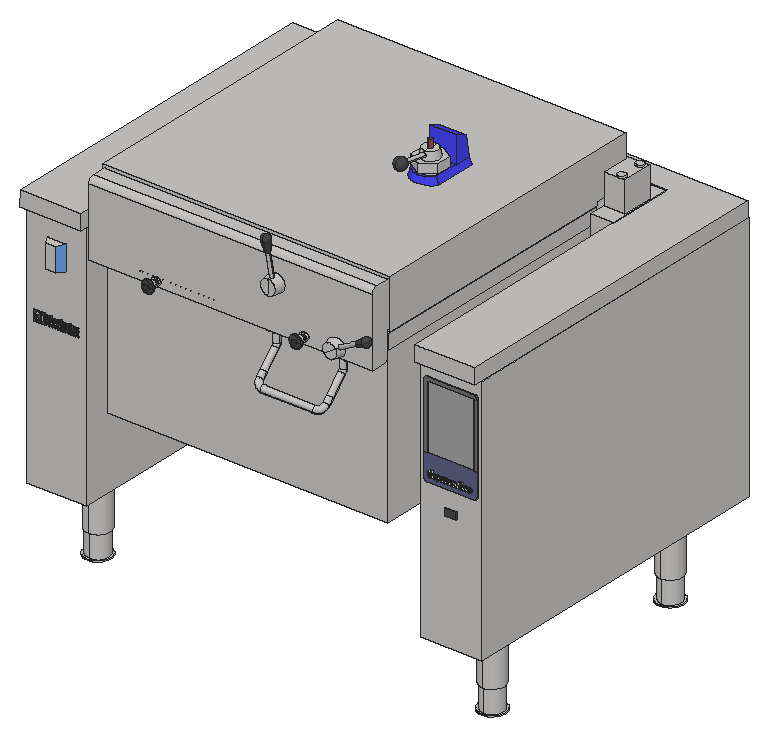
Revit family "QF_ELECTROLUXPROFESSIONAL_587140_PUET06ECIO", category Attrezzature speciali, Revit 2020 (continued)
Definition of nested family "QF_ELECTROLUXPROFESSIONAL_PUETNB900_LEFT"
  Automatic sketch dimensions
    Extrusion 4 sketch curve to Extrusion 4 sketch curve = 2.789 mm
    Extrusion 4 sketch curve to Extrusion 4 sketch curve = 0.908 mm  (x2)
    Extrusion 4 sketch curve to Extrusion 4 sketch curve = 0.826 mm  (x2)
    Extrusion 4 sketch curve to Extrusion 4 sketch curve = 0.126 mm  (x3)
    Extrusion 4 sketch curve to Extrusion 4 sketch curve = 2.333 mm
    Extrusion 4 sketch curve to Extrusion 4 sketch curve = 1.257 mm  (x2)
    Extrusion 4 sketch curve to Extrusion 4 sketch curve = 2.771 mm
    Extrusion 4 sketch curve to Extrusion 4 sketch curve = 1.497 mm
    Extrusion 4 sketch curve to Extrusion 4 sketch curve = 1.979 mm
    Extrusion 4 sketch curve to Extrusion 4 sketch curve = 1.653 mm
    Extrusion 4 sketch curve to Extrusion 4 sketch curve = 0.085 mm
    Extrusion 4 sketch curve to Extrusion 4 sketch curve = 0.315 mm
    Extrusion 4 sketch curve to Extrusion 4 sketch curve = 3.811 mm
    Extrusion 4 sketch curve to Extrusion 4 sketch curve = 2.136 mm  (x2)
    Extrusion 4 sketch curve to Extrusion 4 sketch curve = 2.352 mm  (x2)
    Extrusion 4 sketch curve to Extrusion 4 sketch curve = 3.797 mm
    Extrusion 4 sketch curve to Extrusion 4 sketch curve = 1.528 mm
    Extrusion 4 sketch curve to Extrusion 4 sketch curve = 1.476 mm  (x2)
    Extrusion 4 sketch curve to Extrusion 4 sketch curve = 1.469 mm  (x2)
    Extrusion 4 sketch curve to Extrusion 4 sketch curve = 3.728 mm
    Extrusion 4 sketch curve to Extrusion 4 sketch curve = 0.046 mm
    Extrusion 4 sketch curve to Extrusion 4 sketch curve = 0.177 mm
    Extrusion 4 sketch curve to Extrusion 4 sketch curve = 0.947 mm
    Extrusion 4 sketch curve to Extrusion 4 sketch curve = 0.308 mm
    Extrusion 4 sketch curve to Extrusion 4 sketch curve = 0.091 mm
    Extrusion 4 sketch curve to Extrusion 4 sketch curve = 2.375 mm
    Extrusion 4 sketch curve to Extrusion 4 sketch curve = 0.94 mm
    Extrusion 4 sketch curve to Extrusion 4 sketch curve = 0.54 mm
    Extrusion 4 sketch curve to Extrusion 4 sketch curve = 0.102 mm
    Extrusion 4 sketch curve to Extrusion 4 sketch curve = 0.002 mm  (x4)
    Extrusion 4 sketch curve to Extrusion 4 sketch curve = 0.105 mm
    Extrusion 4 sketch curve to Extrusion 4 sketch curve = 0.097 mm
    Extrusion 4 sketch curve to plane 3 "Center (Left/Right)" = 0.241 mm
    Extrusion 4 sketch curve to plane 3 "Center (Left/Right)" = 0.412 mm
    Extrusion 4 sketch curve to plane 3 "Center (Left/Right)" = 2.074 mm
    Extrusion 4 sketch curve to Extrusion 4 sketch curve = 1.777 mm
    Extrusion 4 sketch curve to plane 3 "Center (Left/Right)" = 2.704 mm
    Extrusion 4 sketch curve to Extrusion 4 sketch curve = 1.001 mm
    Extrusion 4 sketch curve to Extrusion 4 sketch curve = 1.393 mm  (x2)
    Extrusion 4 sketch curve to Extrusion 4 sketch curve = 2.363 mm
    Extrusion 4 sketch curve to Extrusion 4 sketch curve = 2.253 mm
    Extrusion 4 sketch curve to Extrusion 4 sketch curve = 0.014 mm  (x4)
    Extrusion 4 sketch curve to Extrusion 4 sketch curve = 0.172 mm
    Extrusion 4 sketch curve to Extrusion 4 sketch curve = 0.096 mm
    Extrusion 4 sketch curve to Extrusion 4 sketch curve = 0.164 mm
    Extrusion 4 sketch curve to Extrusion 4 sketch curve = 0.298 mm
    Extrusion 4 sketch curve to Extrusion 4 sketch curve = 0.247 mm
    Extrusion 4 sketch curve to Extrusion 4 sketch curve = 0.084 mm
    Extrusion 4 sketch curve to Extrusion 4 sketch curve = 6.484 mm
    Extrusion 4 sketch curve to Extrusion 4 sketch curve = 2.596 mm
    Extrusion 4 sketch curve to Extrusion 4 sketch curve = 0.059 mm  (x2)
    Extrusion 4 sketch curve to Extrusion 4 sketch curve = 3.889 mm
    Extrusion 4 sketch curve to Extrusion 4 sketch curve = 6.029 mm
    Extrusion 4 sketch curve to Extrusion 4 sketch curve = 0.929 mm
    Extrusion 4 sketch curve to Extrusion 4 sketch curve = 1.102 mm
    Extrusion 4 sketch curve to Extrusion 4 sketch curve = 0.756 mm  (x2)
    Extrusion 4 sketch curve to Extrusion 4 sketch curve = 0.852 mm
    Extrusion 4 sketch curve to Extrusion 4 sketch curve = 0.108 mm
    Extrusion 4 sketch curve to Extrusion 4 sketch curve = 0.101 mm
    Extrusion 4 sketch curve to Extrusion 4 sketch curve = 0.072 mm
    Extrusion 4 sketch curve to Extrusion 4 sketch curve = 1.67 mm
    Extrusion 4 sketch curve to Extrusion 4 sketch curve = 1.834 mm
    Extrusion 4 sketch curve to Extrusion 4 sketch curve = 0.366 mm
    Extrusion 4 sketch curve to Extrusion 4 sketch curve = 0.993 mm
    Extrusion 4 sketch curve to Extrusion 4 sketch curve = 0.81 mm
    Extrusion 4 sketch curve to Extrusion 4 sketch curve = 1.026 mm  (x2)
    Extrusion 4 sketch curve to Extrusion 4 sketch curve = 4.272 mm
    Extrusion 4 sketch curve to Extrusion 4 sketch curve = 0.163 mm
    Extrusion 4 sketch curve to Extrusion 4 sketch curve = 0.551 mm
    plane 14 to Extrusion 4 sketch curve = 6.023 mm
    Extrusion 4 sketch curve to Extrusion 4 sketch curve = 1.451 mm
    plane 14 to Extrusion 4 sketch curve = 5.28 mm
    Extrusion 4 sketch curve to Extrusion 4 sketch curve = 0.045 mm  (x2)
    Extrusion 4 sketch curve to Extrusion 4 sketch curve = 0.241 mm
    Extrusion 4 sketch curve to Extrusion 4 sketch curve = 0.039 mm
    Extrusion 4 sketch curve to Extrusion 4 sketch curve = 1.134 mm
    Extrusion 4 sketch curve to Extrusion 4 sketch curve = 2.351 mm
    Extrusion 4 sketch curve to plane 14 = 0.874 mm
    Extrusion 4 sketch curve to Extrusion 4 sketch curve = 10.128 mm
    Extrusion 4 sketch curve to Extrusion 4 sketch curve = 0.956 mm
    Extrusion 4 sketch curve to Extrusion 4 sketch curve = 1.263 mm
    Extrusion 4 sketch curve to Extrusion 4 sketch curve = 2.577 mm
    Extrusion 4 sketch curve to Extrusion 4 sketch curve = 0.243 mm
    Extrusion 4 sketch curve to Extrusion 4 sketch curve = 0.031 mm
    Extrusion 4 sketch curve to Extrusion 4 sketch curve = 7.148 mm
    Extrusion 4 sketch curve to Extrusion 4 sketch curve = 1.502 mm
    Extrusion 4 sketch curve to Extrusion 4 sketch curve = 11.54 mm
    Extrusion 4 sketch curve to Extrusion 4 sketch curve = 11.758 mm
    Extrusion 4 sketch curve to Extrusion 4 sketch curve = 4.097 mm
    Extrusion 4 sketch curve to Extrusion 4 sketch curve = 0.011 mm
    Extrusion 4 sketch curve to Extrusion 4 sketch curve = 4.488 mm
    plane 17 "CHW" to Extrusion 4 sketch curve = 191.223 mm
    Extrusion 4 sketch curve to Extrusion 4 sketch curve = 3.444 mm  (x2)
    Extrusion 4 sketch curve to Extrusion 4 sketch curve = 3.777 mm
    Extrusion 4 sketch curve to Extrusion 4 sketch curve = 1.093 mm
    Extrusion 4 sketch curve to Extrusion 4 sketch curve = 1.192 mm
    Extrusion 4 sketch curve to Extrusion 4 sketch curve = 0.319 mm
    Extrusion 4 sketch curve to Extrusion 4 sketch curve = 5.798 mm
    Extrusion 4 sketch curve to Extrusion 4 sketch curve = 2.021 mm
    Extrusion 4 sketch curve to Extrusion 4 sketch curve = 2.357 mm  (x3)
    Extrusion 4 sketch curve to Extrusion 4 sketch curve = 0.892 mm  (x3)
    Extrusion 4 sketch curve to Extrusion 4 sketch curve = 1.018 mm
    Extrusion 4 sketch curve to Extrusion 4 sketch curve = 3.382 mm  (x2)
    Extrusion 4 sketch curve to Extrusion 4 sketch curve = 2.117 mm
    Extrusion 4 sketch curve to Extrusion 4 sketch curve = 0.195 mm  (x2)
    Extrusion 4 sketch curve to Extrusion 4 sketch curve = 0.295 mm  (x2)
    Extrusion 4 sketch curve to Extrusion 4 sketch curve = 0.618 mm
    Extrusion 4 sketch curve to Extrusion 4 sketch curve = 0.385 mm  (x2)
    Extrusion 4 sketch curve to Extrusion 4 sketch curve = 1.626 mm  (x2)
    Extrusion 4 sketch curve to Extrusion 4 sketch curve = 1.65 mm
    Extrusion 4 sketch curve to Extrusion 4 sketch curve = 1.662 mm
    Extrusion 4 sketch curve to Extrusion 4 sketch curve = 0.013 mm  (x2)
    Extrusion 4 sketch curve to Extrusion 4 sketch curve = 0.292 mm
    Extrusion 4 sketch curve to Extrusion 4 sketch curve = 0.107 mm  (x2)
    Extrusion 4 sketch curve to Extrusion 4 sketch curve = 0.068 mm  (x2)
    Extrusion 4 sketch curve to Extrusion 4 sketch curve = 0.968 mm
    Extrusion 4 sketch curve to Extrusion 4 sketch curve = 0.365 mm
    Extrusion 4 sketch curve to Extrusion 4 sketch curve = 2.361 mm
    Extrusion 4 sketch curve to Extrusion 4 sketch curve = 2.359 mm
    Extrusion 4 sketch curve to Extrusion 4 sketch curve = 0.531 mm  (x2)
    Extrusion 4 sketch curve to Extrusion 4 sketch curve = 0.928 mm  (x2)
    Extrusion 4 sketch curve to Extrusion 4 sketch curve = 1.058 mm
    Extrusion 4 sketch curve to Extrusion 4 sketch curve = 0.297 mm  (x2)
    Extrusion 4 sketch curve to Extrusion 4 sketch curve = 0.155 mm  (x2)
    Extrusion 4 sketch curve to Extrusion 4 sketch curve = 1.305 mm
    Extrusion 4 sketch curve to Extrusion 4 sketch curve = 1.037 mm
    Extrusion 4 sketch curve to Extrusion 4 sketch curve = 0.182 mm  (x2)
    Extrusion 4 sketch curve to Extrusion 4 sketch curve = 0.607 mm  (x2)
    Extrusion 4 sketch curve to Extrusion 4 sketch curve = 0.304 mm  (x2)
    Extrusion 4 sketch curve to Extrusion 4 sketch curve = 0.372 mm  (x2)
    Extrusion 4 sketch curve to Extrusion 4 sketch curve = 0.016 mm  (x2)
    Extrusion 4 sketch curve to Extrusion 4 sketch curve = 0.996 mm
    Extrusion 4 sketch curve to Extrusion 4 sketch curve = 0.93 mm
    Extrusion 4 sketch curve to Extrusion 4 sketch curve = 0.709 mm  (x2)
    Extrusion 4 sketch curve to Extrusion 4 sketch curve = 1.752 mm
    Extrusion 4 sketch curve to Extrusion 4 sketch curve = 1.017 mm
    Extrusion 4 sketch curve to Extrusion 4 sketch curve = 4.718 mm
    Extrusion 4 sketch curve to Extrusion 4 sketch curve = 0.891 mm
    Extrusion 4 sketch curve to Extrusion 4 sketch curve = 3.826 mm
    Extrusion 4 sketch curve to Extrusion 4 sketch curve = 1.696 mm
    Extrusion 4 sketch curve to Extrusion 4 sketch curve = 0.954 mm
    Extrusion 4 sketch curve to Extrusion 4 sketch curve = 5.576 mm
    Extrusion 4 sketch curve to Extrusion 4 sketch curve = 5.657 mm  (x2)
    Extrusion 4 sketch curve to Extrusion 4 sketch curve = 5.661 mm  (x2)
    Extrusion 4 sketch curve to Extrusion 4 sketch curve = 0.006 mm
    Extrusion 4 sketch curve to Extrusion 4 sketch curve = 1.499 mm
    Extrusion 4 sketch curve to Extrusion 4 sketch curve = 7.186 mm
    Extrusion 4 sketch curve to Extrusion 4 sketch curve = 2.203 mm
    Extrusion 4 sketch curve to Extrusion 4 sketch curve = 2.21 mm
    Extrusion 4 sketch curve to Extrusion 4 sketch curve = 1.607 mm
    Extrusion 4 sketch curve to Extrusion 4 sketch curve = 3.479 mm
    Extrusion 4 sketch curve to Extrusion 4 sketch curve = 3.92 mm
    Extrusion 4 sketch curve to Extrusion 4 sketch curve = 0.05 mm
    Extrusion 4 sketch curve to Extrusion 4 sketch curve = 1.776 mm
    Extrusion 4 sketch curve to Extrusion 4 sketch curve = 4.017 mm
    Extrusion 4 sketch curve to Extrusion 4 sketch curve = 0.196 mm  (x2)
    Extrusion 4 sketch curve to Extrusion 4 sketch curve = 0.19 mm
    Extrusion 4 sketch curve to Extrusion 4 sketch curve = 1.312 mm
    Extrusion 4 sketch curve to Extrusion 4 sketch curve = 0.146 mm
    Extrusion 4 sketch curve to Extrusion 4 sketch curve = 2.831 mm
    Extrusion 4 sketch curve to Extrusion 4 sketch curve = 0.387 mm
    Extrusion 4 sketch curve to Extrusion 4 sketch curve = 0.174 mm
    Extrusion 4 sketch curve to Extrusion 4 sketch curve = 4.623 mm
    Extrusion 4 sketch curve to Extrusion 4 sketch curve = 1.754 mm
    Extrusion 4 sketch curve to Extrusion 4 sketch curve = 0.188 mm
    Extrusion 4 sketch curve to Extrusion 4 sketch curve = 0.02 mm
    Extrusion 4 sketch curve to Extrusion 4 sketch curve = 0.313 mm
    Extrusion 4 sketch curve to Extrusion 4 sketch curve = 0.12 mm
    Extrusion 4 sketch curve to Extrusion 4 sketch curve = 0.062 mm
    Extrusion 4 sketch curve to Extrusion 4 sketch curve = 0.568 mm
    Extrusion 4 sketch curve to Extrusion 4 sketch curve = 1.763 mm
    Extrusion 4 sketch curve to Extrusion 4 sketch curve = 0.095 mm
    Extrusion 4 sketch curve to Extrusion 4 sketch curve = 1.817 mm
    Extrusion 4 sketch curve to Extrusion 4 sketch curve = 0.357 mm
    Extrusion 4 sketch curve to Extrusion 4 sketch curve = 0.008 mm
    Extrusion 4 sketch curve to Extrusion 4 sketch curve = 0.36 mm
    Extrusion 4 sketch curve to Extrusion 4 sketch curve = 3.784 mm
    Extrusion 4 sketch curve to Extrusion 4 sketch curve = 1.654 mm
    Extrusion 4 sketch curve to Extrusion 4 sketch curve = 1.454 mm
    Extrusion 4 sketch curve to Extrusion 4 sketch curve = 1.705 mm
    Extrusion 4 sketch curve to Extrusion 4 sketch curve = 1.893 mm
    Extrusion 4 sketch curve to Extrusion 4 sketch curve = 3.429 mm
    Extrusion 4 sketch curve to Extrusion 4 sketch curve = 1.094 mm
    Extrusion 4 sketch curve to Extrusion 4 sketch curve = 2.218 mm
    Extrusion 4 sketch curve to Extrusion 4 sketch curve = 1.404 mm
    Extrusion 4 sketch curve to Extrusion 4 sketch curve = 5.763 mm
    Extrusion 4 sketch curve to Extrusion 4 sketch curve = 2.932 mm  (x2)
    Extrusion 4 sketch curve to Extrusion 4 sketch curve = 5.959 mm
    Extrusion 4 sketch curve to Extrusion 4 sketch curve = 1.424 mm
    Extrusion 4 sketch curve to Extrusion 4 sketch curve = 3.23 mm
    Extrusion 4 sketch curve to Extrusion 4 sketch curve = 1.975 mm
    Extrusion 4 sketch curve to Extrusion 4 sketch curve = 3.779 mm
    Extrusion 4 sketch curve to Extrusion 4 sketch curve = 2.212 mm
    Extrusion 4 sketch curve to Extrusion 4 sketch curve = 3.78 mm
    Extrusion 4 sketch curve to Extrusion 4 sketch curve = 1.279 mm
    Extrusion 4 sketch curve to Extrusion 4 sketch curve = 1.343 mm  (x2)
    Extrusion 4 sketch curve to Extrusion 4 sketch curve = 1.353 mm  (x2)
    Extrusion 4 sketch curve to Extrusion 4 sketch curve = 0.027 mm  (x2)
    Extrusion 4 sketch curve to Extrusion 4 sketch curve = 0.395 mm  (x2)
    Extrusion 4 sketch curve to Extrusion 4 sketch curve = 0.329 mm  (x2)
    Extrusion 4 sketch curve to Extrusion 4 sketch curve = 0.425 mm  (x2)
    Extrusion 4 sketch curve to Extrusion 4 sketch curve = 0.051 mm  (x2)
    Extrusion 4 sketch curve to Extrusion 4 sketch curve = 0.495 mm  (x2)
    Extrusion 4 sketch curve to Extrusion 4 sketch curve = 0.267 mm  (x2)
    Extrusion 4 sketch curve to Extrusion 4 sketch curve = 1.4 mm
    Extrusion 4 sketch curve to Extrusion 4 sketch curve = 5.233 mm
    Extrusion 4 sketch curve to Extrusion 4 sketch curve = 2.062 mm
    Extrusion 5 sketch curve to plane 13 "HW_CW" = 0.0 mm  (x2)
    Extrusion 5 sketch curve to plane 15 = 0.0 mm
    Extrusion 5 sketch curve to plane 14 = 0.0 mm
    Extrusion 6 sketch curve to plane 16 "Drain_Z" = 0.0 mm
    Extrusion 6 sketch curve to plane 18 = 0.0 mm
    Extrusion 7 sketch curve to plane 3 "Center (Left/Right)" = 0.0 mm
    Extrusion 7 sketch curve to plane 19 = 0.0 mm
    radius of Extrusion 2 sketch curve = 6.35 mm  (x2)
    radius of Extrusion 4 sketch curve = 2.453 mm
    radius of Extrusion 4 sketch curve = 1.557 mm
    radius of Extrusion 4 sketch curve = 1.468 mm
    radius of Extrusion 4 sketch curve = 2.451 mm
    radius of Extrusion 5 sketch curve = 5.0 mm  (x2)
    radius of Extrusion 6 sketch curve = 7.938 mm
    radius of Extrusion 7 sketch curve = 12.7 mm
Definition of nested family "QF_ELECTROLUXPROFESSIONAL_PUETNB900_RIGHT"
  Parameters
    Width = 160.0 mm
    Steam_z = 140.0 mm
    Steam_y = 239.0 mm
    Right = Width / 2  # 80.0 mm
    Default Elevation = 0.0 mm
    Left = -Width / 2  # -80.0 mm
    Htop = 40.0 mm
    Height = 900.0 mm
    HBase = 200.0 mm
    EI_z = 250.0 mm
    EI_y = 312.0 mm
    Depth = 900.0 mm
    BorderFront = 20.0 mm
    Body Finish [instance] = none
  Reference planes
    plane 1 "Center (Front/Back)": y = 0
    plane 2: z = 0
    plane 3 "Center (Left/Right)": x = 0
    plane 4 "LEFT": x = -80
    plane 5 "RIGHT": x = 80
    plane 6 "BACK": y = 450
    plane 7 "FRONT": y = -450
    plane 8 "Base": z = 200
    plane 9 "TOP": z = 900
    plane 10 "BorderFront": y = -430
    plane 11: z = 860
    plane 12 "EI": z = 450
    plane 13: y = 138
    plane 14 "STEAM_y": y = 211
    plane 15 "Steam_z": z = 340
  Forms (mm)
    Extrusion 1, solid
      sketch origin (0, 0, 0) x (1, 0, 0) y (0, 1, 0)
        loop
          line (-80, 450) -> (-80, -430) -> (80, -430) -> (80, 450) -> (-80, 450)
      from 860 to 200
    Extrusion 2, solid
      sketch origin (0, -430, 0) x (-1, 0, 0) y (0, 0, 1)
        loop
          line (59.714, 823.989) -> (-61.821, 823.989)
          arc (-61.821, 823.989) -> (-68.892, 821.06) -> (-71.821, 813.989) r 10
          line (-71.821, 813.989) -> (-71.821, 644.744) -> (-61.821, 644.744) -> (-61.821, 813.989) -> (59.714, 813.989) -> (59.714, 644.744) -> (69.714, 644.744) -> (69.714, 813.989)
          arc (69.714, 813.989) -> (66.786, 821.06) -> (59.714, 823.989) r 10
      from 0 to -3
    Extrusion 3, solid
      sketch origin (0, -430, 0) x (-1, 0, 0) y (0, 0, 1)
        loop
          line (69.714, 585) -> (69.714, 644.744) -> (-71.821, 644.744) -> (-71.821, 585)
          arc (-71.821, 585) -> (-68.892, 577.929) -> (-61.821, 575) r 10
          line (-61.821, 575) -> (59.714, 575)
          arc (59.714, 575) -> (66.786, 577.929) -> (69.714, 585) r 10
      from -3 to 0
    Extrusion 4, solid
      sketch origin (234.714, -430, 0) x (-1, 0, 0) y (0, 0, 1)
        loop
          line (294.429, 813.989) -> (172.894, 813.989) -> (172.894, 644.744) -> (294.429, 644.744) -> (294.429, 813.989)
      from 0 to -3
    Extrusion 5, solid
      sketch origin (0, -430, 0) x (-1, 0, 0) y (0, 0, 1)
        loop
          line (15, 530) -> (-15, 530) -> (-15, 510) -> (15, 510) -> (15, 530)
      from -1.6 to 0
    Extrusion 6, solid
      sketch origin (0, 450, 0) x (-1, 0, 0) y (0, 0, 1)
        loop
          circle (0, 450) r 5
      from 0 to 2
    Extrusion 7, solid
      sketch origin (0, 0, 200) x (0, 1, 0) y (-1, 0, 0)
        loop
          circle (138, 0) r 10
      from 0 to -3
    Extrusion 8, solid
      sketch origin (0, 0, 200) x (0, 1, 0) y (-1, 0, 0)
        loop
          circle (211, 0) r 12.7
      from 0 to -3
    Extrusion 9, solid
      sketch origin (0, 450, 0) x (-1, 0, 0) y (0, 0, 1)
        loop
          circle (0, 340) r 12.7
      from 0 to 3
  Lines and regions (mm)
    symbolic lines
      curve 1: line (-80, 450, 0) -> (80, 450, 0)
      curve 2: line (80, 450, 0) -> (80, -430, 0)
  Dimensions and locks
    "Width": plane 4 "LEFT" to plane 5 "RIGHT"
    equal spacing: plane 4 "LEFT", plane 3 "Center (Left/Right)", plane 5 "RIGHT"
    equal spacing: plane 6 "BACK", plane 1 "Center (Front/Back)", plane 7 "FRONT"
    "Depth": plane 6 "BACK" to plane 7 "FRONT"
    "BorderFront": plane 10 "BorderFront" to plane 7 "FRONT"
    "Htop": plane 9 "TOP" to plane 11
    "Height": plane 9 "TOP" to level
    "HBase": plane 8 "Base" to level
    "EI_y": plane 6 "BACK" to plane 13
    "EI_z": plane 12 "EI" to plane 8 "Base"
    "Steam_y": plane 6 "BACK" to plane 14 "STEAM_y"
    plane 15 "Steam_z" to plane 8 "Base" = 140.0 mm
    aligned and locked: level to plane 2
    aligned and locked: plane 10 "BorderFront" to Extrusion 1 sketch curve
    aligned and locked: plane 11 to Extrusion 1
    aligned and locked: Extrusion 1 to plane 8 "Base"
    aligned and locked: plane 4 "LEFT" to Extrusion 1 sketch curve
    aligned and locked: Extrusion 1 sketch curve to plane 5 "RIGHT"
    aligned and locked: Extrusion 1 sketch curve to plane 6 "BACK"
  Automatic sketch dimensions
    Extrusion 2 sketch curve to plane 5 "RIGHT" = 8.179 mm
    Extrusion 2 sketch curve to Extrusion 2 sketch curve = 10.0 mm  (x2)
    Extrusion 2 sketch curve to Extrusion 2 sketch curve = 0.0 mm  (x4)
    plane 4 "LEFT" to Extrusion 2 sketch curve = 20.286 mm
    Extrusion 2 sketch curve to plane 11 = 215.256 mm
    Extrusion 2 sketch curve to plane 11 = 46.011 mm
    Extrusion 3 sketch curve to plane 5 "RIGHT" = 8.179 mm
    plane 4 "LEFT" to Extrusion 3 sketch curve = 20.286 mm
    plane 4 "LEFT" to Extrusion 3 sketch curve = 10.286 mm
    Extrusion 3 sketch curve to plane 11 = 285.0 mm
    Extrusion 3 sketch curve to Extrusion 3 sketch curve = 59.744 mm
    Extrusion 3 sketch curve to Extrusion 3 sketch curve = 10.0 mm
    plane 4 "LEFT" to Extrusion 4 sketch curve = 20.286 mm
    Extrusion 4 sketch curve to plane 11 = 46.011 mm
    Extrusion 4 sketch curve to plane 5 "RIGHT" = 18.179 mm
    Extrusion 4 sketch curve to Extrusion 4 sketch curve = 169.244 mm
    Extrusion 6 sketch curve to plane 3 "Center (Left/Right)" = 0.0 mm
    Extrusion 6 sketch curve to plane 12 "EI" = 0.0 mm
    curve 1 to plane 4 "LEFT" = 0.0 mm
    curve 1 to plane 5 "RIGHT" = 0.0 mm
    curve 2 to plane 10 "BorderFront" = 0.0 mm
    curve 1 to plane 6 "BACK" = 0.0 mm
    plane 3 "Center (Left/Right)" to Extrusion 5 sketch curve = 15.0 mm
    Extrusion 5 sketch curve to plane 3 "Center (Left/Right)" = 15.0 mm
    plane 12 "EI" to Extrusion 5 sketch curve = 60.0 mm
    Extrusion 5 sketch curve to Extrusion 5 sketch curve = 20.0 mm
    Extrusion 7 sketch curve to plane 3 "Center (Left/Right)" = 0.0 mm
    Extrusion 7 sketch curve to plane 13 = 0.0 mm
    Extrusion 8 sketch curve to plane 3 "Center (Left/Right)" = 0.0 mm
    Extrusion 8 sketch curve to plane 14 "STEAM_y" = 0.0 mm
    Extrusion 9 sketch curve to plane 3 "Center (Left/Right)" = 0.0 mm
    Extrusion 9 sketch curve to plane 15 "Steam_z" = 0.0 mm
    radius of Extrusion 6 sketch curve = 5.0 mm
    radius of Extrusion 7 sketch curve = 10.0 mm
    radius of Extrusion 8 sketch curve = 12.7 mm
    radius of Extrusion 9 sketch curve = 12.7 mm
  Nested families
    nested 1: "ELX_ThermaLine" at (-0.906, -433, 593.675) x (1, 0, 0) z (0, -1, 0), type "ELX_ThermaLine"
      with Show Logo yes, Material_Logo none
  Definition of nested family "ELX_ThermaLine"
    Parameters
      Show Logo [instance] = yes
      Material_Logo [instance] = none
      Default Elevation = 0.0 mm
    Reference planes
      plane 1 "Centro (Fronte/Retro)": y = 0
      plane 2: z = 0
      plane 3 "Centro (Sinistra/Destra)": x = 0
    Forms (mm)
      Extrusion 1, solid
        sketch origin (0, 0, 0) x (1, 0, 0) y (0, 1, 0)
          loop
            line (-1219.2, 1219.2) -> (-1219.2, -1219.2) -> (1219.2, -1219.2) -> (1219.2, 1219.2) -> (-1219.2, 1219.2)
        from 0 to -304.8
      Extrusion 2, solid
        sketch origin (0, 0, 0) x (1, 0, 0) y (0, 1, 0)
          loop
            line (-52.84, 4.345) -> (-50.793, 4.345) -> (-50.793, 6.716) -> (-52.84, 6.716) -> (-52.84, 10.788) -> (-55.901, 9.058) -> (-55.901, 6.716) -> (-57.324, 6.716) -> (-57.324, 4.345) -> (-55.901, 4.345) -> (-55.901, -1.637)
            arc (-55.901, -1.637) -> (-54.76, -4.355) -> (-51.88, -4.985) r 3.198
            line (-51.88, -4.985) -> (-50.444, -4.597) -> (-50.782, -2.189) -> (-51.765, -2.453)
            arc (-51.765, -2.453) -> (-52.506, -2.305) -> (-52.84, -1.628) r 0.854
            line (-52.84, -1.628) -> (-52.84, 4.345)
          loop
            line (-48.642, 11.198) -> (-48.642, -4.787) -> (-45.561, -4.787) -> (-45.561, 2.659)
            arc (-45.561, 2.659) -> (-44.379, 4.372) -> (-42.304, 4.523) r 2.408
            arc (-42.304, 4.523) -> (-41.484, 3.75) -> (-41.182, 2.665) r 2.099
            line (-41.182, 2.665) -> (-41.182, -4.787) -> (-38.117, -4.787) -> (-38.088, 2.166)
            arc (-38.088, 2.166) -> (-38.343, 3.963) -> (-39.021, 5.646) r 7.517
            arc (-39.021, 5.646) -> (-42.369, 6.971) -> (-45.561, 5.303) r 4.327
            line (-45.561, 5.303) -> (-45.561, 11.198) -> (-48.642, 11.198)
          loop
            arc (-28.196, 1.988) -> (-28.834, 3.893) -> (-30.683, 4.679) r 2.449
            arc (-30.683, 4.679) -> (-32.149, 3.674) -> (-32.711, 1.988) r 2.793
            line (-32.711, 1.988) -> (-28.196, 1.988)
          loop
            arc (-25.128, 0.121) -> (-26.074, 4.342) -> (-29.545, 6.923) r 6.212
            arc (-29.545, 6.923) -> (-33.021, 6.358) -> (-35.352, 3.718) r 5.232
            arc (-35.352, 3.718) -> (-35.918, 1.148) -> (-35.633, -1.468) r 8.117
            arc (-35.633, -1.468) -> (-34.524, -3.319) -> (-32.789, -4.603) r 5.523
            arc (-32.789, -4.603) -> (-28.402, -4.744) -> (-25.297, -1.641) r 5.523
            line (-25.297, -1.641) -> (-28.327, -1.106)
            arc (-28.327, -1.106) -> (-29.324, -2.396) -> (-30.951, -2.501) r 1.982
            arc (-30.951, -2.501) -> (-32.276, -1.475) -> (-32.789, 0.121) r 2.835
            line (-32.789, 0.121) -> (-25.128, 0.121)
          loop
            line (-22.733, -4.787) -> (-19.705, -4.787) -> (-19.705, 0)
            arc (-19.705, 0) -> (-19.663, 1.267) -> (-19.469, 2.521) r 10.557
            arc (-19.469, 2.521) -> (-18.189, 4.014) -> (-16.237, 3.761) r 2.069
            line (-16.237, 3.761) -> (-15.318, 6.433)
            arc (-15.318, 6.433) -> (-17.915, 6.783) -> (-19.931, 5.11) r 3.262
            line (-19.931, 5.11) -> (-19.931, 6.752) -> (-22.733, 6.752) -> (-22.733, -4.787)
          loop
            line (-14.233, 6.752) -> (-14.233, -4.787) -> (-11.135, -4.787) -> (-11.135, 1.783)
            arc (-11.135, 1.783) -> (-10.552, 3.635) -> (-8.862, 4.59) r 2.646
            arc (-8.862, 4.59) -> (-7.677, 3.931) -> (-7.234, 2.65) r 1.899
            line (-7.234, 2.65) -> (-7.234, -4.787) -> (-4.155, -4.787) -> (-4.155, 1.467)
            arc (-4.155, 1.467) -> (-3.845, 2.923) -> (-2.97, 4.128) r 3.581
            arc (-2.97, 4.128) -> (-1.581, 4.474) -> (-0.516, 3.516) r 1.525
            arc (-0.516, 3.516) -> (-0.324, 2.735) -> (-0.304, 1.931) r 3.735
            line (-0.304, 1.931) -> (-0.304, -4.787) -> (2.776, -4.787) -> (2.776, 3.096)
            arc (2.776, 3.096) -> (1.833, 5.68) -> (-0.612, 6.942) r 3.784
            arc (-0.612, 6.942) -> (-2.795, 6.596) -> (-4.513, 5.205) r 4.271
            arc (-4.513, 5.205) -> (-5.893, 6.457) -> (-7.686, 6.964) r 4.079
            arc (-7.686, 6.964) -> (-9.75, 6.555) -> (-11.39, 5.237) r 4.412
            line (-11.39, 5.237) -> (-11.39, 6.752) -> (-14.233, 6.752)
          loop
            line (5.334, 3.712) -> (8.069, 3.23)
            arc (8.069, 3.23) -> (10.312, 4.685) -> (12.137, 2.73) r 2.082
            line (12.137, 2.73) -> (8.171, 1.741)
            arc (8.171, 1.741) -> (6.593, 1.022) -> (5.378, -0.215) r 4.758
            arc (5.378, -0.215) -> (5.225, -1.991) -> (5.744, -3.697) r 4.711
            arc (5.744, -3.697) -> (7.301, -4.682) -> (9.118, -4.992) r 4.691
            arc (9.118, -4.992) -> (10.903, -4.593) -> (12.411, -3.558) r 4.818
            line (12.411, -3.558) -> (12.81, -4.787) -> (15.873, -4.787) -> (15.179, -2.652) -> (15.179, 3.25)
            arc (15.179, 3.25) -> (14.773, 5.146) -> (13.38, 6.496) r 3.336
            arc (13.38, 6.496) -> (10.765, 7.201) -> (8.091, 6.773) r 6.459
            arc (8.091, 6.773) -> (6.348, 5.57) -> (5.334, 3.712) r 4.569
          loop
            line (21.001, -4.787) -> (24.24, -4.787) -> (27.623, 11.127) -> (24.384, 11.127) -> (21.001, -4.787)
          loop
            line (27.273, -4.787) -> (30.332, -4.787) -> (32.777, 6.716) -> (29.718, 6.716) -> (27.273, -4.787)
          loop
            line (30.656, 11.127) -> (30.058, 8.314) -> (33.117, 8.314) -> (33.715, 11.127) -> (30.656, 11.127)
          loop
            line (33.431, -4.787) -> (36.649, -4.787) -> (38.261, 2.796)
            arc (38.261, 2.796) -> (39.644, 4.445) -> (41.791, 4.594) r 2.751
            arc (41.791, 4.594) -> (42.425, 3.729) -> (42.502, 2.659) r 1.936
            line (42.502, 2.659) -> (40.919, -4.787) -> (43.989, -4.787) -> (45.795, 3.712)
            arc (45.795, 3.712) -> (45.588, 5.458) -> (44.361, 6.716) r 2.734
            arc (44.361, 6.716) -> (41.222, 6.857) -> (38.516, 5.259) r 5.512
            line (38.516, 5.259) -> (38.826, 6.716) -> (35.876, 6.716) -> (33.431, -4.787)
          loop
            line (50.773, 1.934) -> (55.672, 1.934)
            arc (55.672, 1.934) -> (55.737, 2.919) -> (55.334, 3.821) r 2.051
            arc (55.334, 3.821) -> (53.773, 4.722) -> (52.024, 4.287) r 2.407
            arc (52.024, 4.287) -> (51.223, 3.203) -> (50.773, 1.934) r 4.566
          loop
            line (50.479, 0) -> (58.259, 0)
            arc (58.259, 0) -> (58.241, 3.53) -> (56.181, 6.396) r 5.8
            arc (56.181, 6.396) -> (52.577, 6.992) -> (49.395, 5.199) r 5.498
            arc (49.395, 5.199) -> (47.819, 2.372) -> (47.536, -0.853) r 7.747
            arc (47.536, -0.853) -> (48.406, -3.006) -> (50.236, -4.437) r 4.494
            arc (50.236, -4.437) -> (52.672, -4.934) -> (55.109, -4.437) r 6.224
            arc (55.109, -4.437) -> (56.76, -3.346) -> (57.916, -1.739) r 5.478
            line (57.916, -1.739) -> (55.129, -1.247)
            arc (55.129, -1.247) -> (53.897, -2.495) -> (52.149, -2.637) r 2.52
            arc (52.149, -2.637) -> (50.809, -1.638) -> (50.479, 0) r 2.336
          loop
            line (12.154, 0.755) -> (8.732, -0.098)
            arc (8.732, -0.098) -> (8.126, -1.288) -> (8.732, -2.478) r 1.471
            arc (8.732, -2.478) -> (10.437, -2.725) -> (11.827, -1.706) r 2.276
            arc (11.827, -1.706) -> (12.142, -0.496) -> (12.154, 0.755) r 5.123
        from 0 to 1.6
    Dimensions and locks
      aligned and locked: plane 2 to Extrusion 1
      aligned and locked: level to Extrusion 1
Definition of nested family "QF_ELECTROLUXPROFESSIONAL_2FEET_THL_120xH200"
  Parameters
    Width = 120.0 mm
    Right = Width / 2  # 60.0 mm
    Default Elevation = 0.0 mm
    Left = -Width / 2  # -60.0 mm
    Height = 200.0 mm
    HBase = Height - 15.0 mm  # 185.0 mm
    Depth = 880.0 mm
  Reference planes
    plane 1 "Center (Front/Back)": y = 0
    plane 2: z = 0
    plane 3 "Center (Left/Right)": x = 0
    plane 4 "LEFT": x = -60
    plane 5 "RIGHT": x = 60
    plane 6 "BACK": y = 440
    plane 7 "FRONT": y = -440
    plane 8 "Base": z = 185
    plane 9 "TOP": z = 200
    plane 10: y = 283
    plane 11: y = -304
    plane 12: y = 368
    plane 13: y = -388
    plane 14: x = -80
  Forms (mm)
    Extrusion 1, solid
      sketch origin (0, 0, 200) x (0, 1, 0) y (-1, 0, 0)
        loop
          line (368, 60) -> (-388, 60) -> (-388, -60) -> (368, -60) -> (368, 60)
      from 0 to -15
    Revolve 2, solid
      sketch origin (0, 0, 0) x (0, 1, 0) y (0, 0, 1)
        loop
          line (283, 0) -> (318, 0) -> (318, 2) -> (311.179, 2) -> (311.179, 63) -> (314.75, 63) -> (314.75, 185) -> (283, 185) -> (283, 0)
        axis (283, 185) -> (283, 0)
      angle from 0 to 360
    Revolve 3, solid
      sketch origin (0, 0, 0) x (0, 1, 0) y (0, 0, 1)
        loop
          line (-304, 185) -> (-304, 0) -> (-269, 0) -> (-269, 2) -> (-275.821, 2) -> (-275.821, 63) -> (-272.25, 63) -> (-272.25, 185) -> (-304, 185)
        axis (-304, 185) -> (-304, 0)
      angle from 0 to 360
  Dimensions and locks
    "Width": plane 4 "LEFT" to plane 5 "RIGHT"
    equal spacing: plane 4 "LEFT", plane 3 "Center (Left/Right)", plane 5 "RIGHT"
    equal spacing: plane 6 "BACK", plane 1 "Center (Front/Back)", plane 7 "FRONT"
    "Depth": plane 6 "BACK" to plane 7 "FRONT"
    "HBase": plane 8 "Base" to level
    "Height": plane 9 "TOP" to level
    locked: plane 6 "BACK" to plane 10 at 157
    locked: plane 10 to plane 11 at 587
    plane 6 "BACK" to plane 12 = 72.0 mm
    plane 13 to plane 7 "FRONT" = 52.0 mm
    plane 12 to plane 13 = 756.0 mm
    plane 14 to plane 3 "Center (Left/Right)" = 80.0 mm
    aligned and locked: level to plane 2
    aligned and locked: Extrusion 1 sketch curve to plane 5 "RIGHT"
    aligned and locked: plane 4 "LEFT" to Extrusion 1 sketch curve
    aligned and locked: Extrusion 1 to plane 8 "Base"
    aligned and locked: Extrusion 1 sketch curve to plane 12
    aligned and locked: plane 13 to Extrusion 1 sketch curve
  Automatic sketch dimensions
    Revolve 2 sketch curve to level = 0.0 mm
    Revolve 2 sketch curve to plane 10 = 0.0 mm  (x2)
    Revolve 2 sketch curve to plane 8 "Base" = 0.0 mm
    plane 10 to Revolve 2 sketch curve = 28.179 mm
    Revolve 2 sketch curve to Revolve 2 sketch curve = 31.75 mm
    Revolve 2 sketch curve to Revolve 2 sketch curve = 6.821 mm
    level to Revolve 2 sketch curve = 2.0 mm
    Revolve 2 sketch curve to Revolve 2 sketch curve = 61.0 mm
    Revolve 2 sketch curve to level = 50.0 mm
    plane 9 "TOP" to Revolve 2 sketch curve = 70.0 mm
    Revolve 3 sketch curve to plane 11 = 0.0 mm
    Revolve 3 sketch curve to level = 0.0 mm
    Revolve 3 sketch curve to plane 10 = 587.0 mm
    Revolve 3 sketch curve to plane 8 "Base" = 0.0 mm
    Revolve 3 sketch curve to plane 10 = 558.821 mm
    Revolve 3 sketch curve to Revolve 3 sketch curve = 3.571 mm
    Revolve 3 sketch curve to Revolve 3 sketch curve = 6.821 mm
    level to Revolve 3 sketch curve = 2.0 mm
    Revolve 3 sketch curve to Revolve 3 sketch curve = 61.0 mm
    Revolve 3 sketch curve to level = 180.0 mm
    plane 9 "TOP" to Revolve 3 sketch curve = 205.0 mm
Definition of nested family "QF_ELECTROLUXPROFESSIONAL_PUET900_LEVEL1"
  Parameters
    Default Elevation = 0.0 mm
    Assembly Code = ""
  Reference planes
    plane 1 "Center (Front/Back)": y = 0
    plane 2: z = 0
    plane 3 "Center (Left/Right)": x = 0
  Forms (mm)
    Extrusion 1, solid
      sketch origin (0, 3.876, 51.351) x (1, 0, 0) y (0, 0.173648, 0.984808)
        loop
          circle (0, 0) r 5
      from 23.748 to 93.473
    Revolve 2, solid
      sketch origin (0, -19.24, 55.427) x (0, 0.984808, -0.173648) y (0, 0.173648, 0.984808)
        loop
          arc (-66.103, 5) -> (-82.782, 14.784) -> (-95.246, 0) r 15
          line (-95.246, 0) -> (-70, 0) -> (-70, 5) -> (-66.103, 5)
        axis (-66.103, 0) -> (-95.246, 0)
      angle from 0 to 360
    Revolve 3, solid
      sketch origin (0, 0, 0) x (0, 1, 0) y (0, 0, 1)
        loop
          line (0, 65.171) -> (0, 45.474) -> (23.473, 45.474) -> (20, 65.171) -> (0, 65.171)
        loop
          line (31.975, 22.781) -> (0, 22.781) -> (0, 17.857) -> (32.843, 17.857) -> (31.975, 22.781)
        axis (0, 17.857) -> (0, 65.171)
      angle from 0 to 360
    Extrusion 4, solid
      sketch origin (0, 0, 0) x (1, 0, 0) y (0, 1, 0)
        loop
          line (0, 40) -> (-34.641, 20) -> (-34.641, -20) -> (0, -40) -> (34.641, -20) -> (34.641, 20) -> (0, 40)
      from 22.781 to 45.474
    Extrusion 5, solid
      sketch origin (0, 0, 0) x (1, 0, 0) y (0, 1, 0)
        loop
          circle (0, 0) r 5
      from 85 to 65.171
    Extrusion 6, solid
      sketch origin (0, 0, 0) x (0, 1, 0) y (0, 0, 1)
        loop
          line (42.157, 17.857) -> (81.637, 17.857) -> (73.878, 73.065) -> (42.157, 87.857) -> (42.157, 17.857)
      from -35 to 35
    Blend 7, solid
      base sketch origin (0, 0, 0) x (1, 0, 0) y (0, 1, 0)
        loop
          line (-35, 81.637) -> (-35, -21.011)
          arc (-35, -21.011) -> (0, -40) -> (35, -21.011) r 41.751
          line (35, -21.011) -> (35, 81.637) -> (-35, 81.637)
      top sketch origin (0, 0, 0) x (1, 0, 0) y (0, 1, 0)
        loop
          arc (-40, -22.449) -> (0, -45) -> (40, -22.449) r 46.751
          line (40, -22.449) -> (40, 86.637) -> (-40, 86.637) -> (-40, -22.449)
      from 17.857 to 0
  Cuts and joins
    joined: Extrusion 1, Revolve 3
  Lines and regions (mm)
    symbolic lines
      curve 1: circle (0, -98.471, 0) r 15 normal (0, 0, 1)
      curve 2: line (-40, 86.637, 0) -> (40, 86.637, 0)
      curve 3: line (-40, -22.449, 0) -> (-40, 86.637, 0)
      curve 4: line (40, 86.637, 0) -> (40, -22.449, 0)
      curve 5: arc (40, -22.449, 0) -> (25.109, -37.685, 0) -> (5.003, -44.731, 0) r 46.751
      curve 6: line (5.003, -37.111, 0) -> (34.641, -20, 0)
      curve 7: line (34.641, 20, 0) -> (0, 40, 0)
      curve 8: line (0, 40, 0) -> (-34.641, 20, 0)
      curve 9: line (-35, 81.637, 0) -> (-35, -19.793, 0)
      curve 10: line (35, 81.637, 0) -> (-35, 81.637, 0)
      curve 11: line (-35, 73.878, 0) -> (35, 73.878, 0)
      curve 12: line (-35, 42.157, 0) -> (35, 42.157, 0)
      curve 13: line (34.641, -20, 0) -> (34.641, 20, 0)
      curve 14: line (-35, -19.793, 0) -> (-4.999, -37.114, 0)
      curve 15: line (5.003, -21.076, 0) -> (5.003, -84.33, 0)
      curve 16: line (-4.999, -21.076, 0) -> (-4.999, -84.328, 0)
      curve 17: line (-4.999, -21.076, 0) -> (5.003, -21.076, 0)
      curve 18: circle (0, 0, 0) r 5 normal (0, 0, 1)
      curve 19: circle (0, 0, 0) r 20 normal (0, 0, 1)
      curve 20: arc (-35, -21.011, 0) -> (-22.075, -33.687, 0) -> (-4.999, -39.7, 0) r 41.751
      curve 21: arc (5.003, -22.934, 0) -> (-0.002, 23.473, 0) -> (-4.999, -22.935, 0) r 23.473
      curve 22: arc (5.003, -39.699, 0) -> (22.077, -33.686, 0) -> (35, -21.011, 0) r 41.751
      curve 23: arc (-4.999, -44.732, 0) -> (-25.107, -37.686, 0) -> (-40, -22.449, 0) r 46.751
      curve 24: line (35, 81.637, 0) -> (35, -21.011, 0)
  Dimensions and locks
    aligned and locked: level to plane 2
Definition of nested family "QF_ELECTROLUXPROFESSIONAL_PUET900_LEVEL2"
  Parameters
    Default Elevation = 0.0 mm
    Assembly Code = ""
  Reference planes
    plane 1 "Center (Front/Back)": y = 0
    plane 2: z = 0
    plane 3 "Center (Left/Right)": x = 0
  Forms (mm)
    Extrusion 1, solid
      sketch origin (0, -8.374, -4.296) x (1, 0, 0) y (0, 0.98052, 0.196417)
        loop
          circle (0, 0) r 5
      from 23.748 to 93.473
    Revolve 2, solid
      sketch origin (0, -12.985, 18.72) x (0, 0.196417, -0.98052) y (0, 0.98052, 0.196417)
        loop
          line (-70, 0) -> (-70, 6.136) -> (-101.485, 11.307)
          arc (-101.485, 11.307) -> (-109.48, 7.995) -> (-112.792, 0) r 11.307
          line (-112.792, 0) -> (-70, 0)
        axis (-70, 0) -> (-112.792, 0)
      angle from 0 to 360
    Revolve 3, solid
      sketch origin (0, 0, -45.474) x (0, 1, 0) y (0, 0, 1)
        loop
          line (-25.258, 45.474) -> (0, 45.474) -> (0, 68.947) -> (-25.258, 64.494) -> (-25.258, 45.474)
        axis (0, 45.474) -> (-25.258, 45.474)
      angle from 0 to 360
  Cuts and joins
    joined: Extrusion 1, Revolve 3
  Lines and regions (mm)
    symbolic lines
      curve 1: line (-19.019, -25.258, 0) -> (-23.473, 0, 0)
      curve 2: line (-23.473, 0, 0) -> (23.473, 0, 0)
      curve 3: line (23.473, 0, 0) -> (19.019, -25.258, 0)
      curve 4: line (19.019, -25.258, 0) -> (8.015, -25.258, 0)
      curve 5: circle (0, -32.918, 0) r 11.087 normal (0, 0, 1)
      curve 6: line (-8.015, -25.258, 0) -> (-19.019, -25.258, 0)
      curve 7: line (-4.999, -13.345, 0) -> (-4.999, -23.022, 0)
      curve 8: line (4.998, -13.345, 0) -> (4.998, -23.022, 0)
      curve 9: arc (4.998, -13.345, 0) -> (-0.001, -8.347, 0) -> (-4.999, -13.345, 0) r 4.999
  Dimensions and locks
    aligned and locked: level to plane 2
Definition of nested family "QF_ELECTROLUXPROFESSIONAL_PUET900_LEVEL3"
  Parameters
    Default Elevation = 0.0 mm
    Assembly Code = ""
  Reference planes
    plane 1 "Center (Front/Back)": y = 0
    plane 2: z = 0
    plane 3 "Center (Left/Right)": x = 0
  Forms (mm)
    Extrusion 1, solid
      sketch origin (-3.72, -8.374, -2.148) x (0.5, 0, -0.866025) y (0.170102, 0.98052, 0.098208)
        loop
          circle (0, 0) r 5
      from 23.748 to 93.473
    Revolve 2, solid
      sketch origin (16.212, -12.985, 9.36) x (-0.849156, 0.196417, -0.49026) y (0.170102, 0.98052, 0.098208)
        loop
          line (-70, 0) -> (-70, 6.136) -> (-101.485, 11.307)
          arc (-101.485, 11.307) -> (-109.48, 7.995) -> (-112.792, 0) r 11.307
          line (-112.792, 0) -> (-70, 0)
        axis (-70, 0) -> (-112.792, 0)
      angle from 0 to 360
    Revolve 3, solid
      sketch origin (-39.382, 0, -22.737) x (0, 1, 0) y (0.866025, 0, 0.5)
        loop
          line (-25.258, 45.474) -> (0, 45.474) -> (0, 68.947) -> (-25.258, 64.494) -> (-25.258, 45.474)
        axis (0, 45.474) -> (-25.258, 45.474)
      angle from 0 to 360
  Cuts and joins
    joined: Extrusion 1, Revolve 3
  Lines and regions (mm)
    symbolic lines
      curve 1: line (-19.019, -25.258, 0) -> (-23.473, 0, 0)
      curve 2: line (-23.473, 0, 0) -> (23.473, 0, 0)
      curve 3: line (23.473, 0, 0) -> (19.019, -25.258, 0)
      curve 4: line (19.019, -25.258, 0) -> (8.015, -25.258, 0)
      curve 5: circle (0, -32.918, 0) r 11.087 normal (0, 0, 1)
      curve 6: line (-8.015, -25.258, 0) -> (-19.019, -25.258, 0)
      curve 7: line (-4.999, -13.345, 0) -> (-4.999, -23.022, 0)
      curve 8: line (4.998, -13.345, 0) -> (4.998, -23.022, 0)
      curve 9: arc (4.998, -13.345, 0) -> (-0.001, -8.347, 0) -> (-4.999, -13.345, 0) r 4.999
  Dimensions and locks
    aligned and locked: level to plane 2
Definition of nested family "QF_ELECTROLUXPROFESSIONAL_PUET900_LEVEL4"
  Parameters
    Default Elevation = 0.0 mm
    Assembly Code = ""
  Reference planes
    plane 1 "Center (Front/Back)": y = 0
    plane 2: z = 0
    plane 3 "Center (Left/Right)": x = 0
    plane 4 "Plane45": through (-6096, -44.163, -88.062) normal (0, -0.7071, 0.7071)
  Forms (mm)
    Sweep 1, solid
      path origin (0, 0, 0) x (0, 1, 0) y (0, 0, 1)
        loop
          line (0, -10) -> (0, -36.443)
          arc (0, -36.443) -> (-1.37, -43.331) -> (-5.272, -49.171) r 18
          line (-5.272, -49.171) -> (-44.163, -88.062)
      profile origin (0, 0, -23.222) x (1, 0, 0) y (0, 1, 0)
        loop
          circle (-87.5, 0) r 8
    Sweep 2, solid
      path origin (175, 0, 0) x (0, 1, 0) y (0, 0, 1)
        loop
          line (0, -10) -> (0, -36.443)
          arc (0, -36.443) -> (-1.37, -43.331) -> (-5.272, -49.171) r 18
          line (-5.272, -49.171) -> (-44.163, -88.062)
      profile origin (175, 0, -23.222) x (1, 0, 0) y (0, 1, 0)
        loop
          circle (-87.5, 0) r 8
    Sweep 3, solid
      path origin (0, 21.949, -21.949) x (0, 0.707107, 0.707107) y (-1, 0, 0)
        loop
          line (-93.497, 87.5) -> (-110.497, 87.5)
          arc (-110.497, 87.5) -> (-123.225, 82.228) -> (-128.497, 69.5) r 18
          line (-128.497, 69.5) -> (-128.497, -69.5)
          arc (-128.497, -69.5) -> (-123.225, -82.228) -> (-110.497, -87.5) r 18
          line (-110.497, -87.5) -> (-93.497, -87.5)
      profile origin (-87.5, -50.173, -94.072) x (1, 0, 0) y (0, -0.707107, 0.707107)
        loop
          circle (0, 0) r 8
    Extrusion 4, solid
      sketch origin (0, 0, 0) x (1, 0, 0) y (0, 1, 0)
        loop
          arc (-87.5, -13) -> (-74.5, 0) -> (-87.5, 13) r 13
          line (-87.5, 13) -> (-99.539, 13)
          arc (-99.539, 13) -> (-112.539, 0) -> (-99.539, -13) r 13
          line (-99.539, -13) -> (-87.5, -13)
        loop
          line (87.5, -13) -> (99.539, -13)
          arc (99.539, -13) -> (112.539, 0) -> (99.539, 13) r 13
          line (99.539, 13) -> (87.5, 13)
          arc (87.5, 13) -> (74.5, 0) -> (87.5, -13) r 13
      from 0 to -10
  Cuts and joins
    joined: Sweep 1, Sweep 2, Sweep 3
  Lines and regions (mm)
    symbolic lines
      curve 1: line (-95.5, -24.6, 0) -> (-95.5, -56, 0)
      curve 2: arc (-95.5, -56, 0) -> (-89.642, -70.142, 0) -> (-75.5, -76, 0) r 20
      curve 3: line (-60.5, -60, 0) -> (75.5, -60, 0)
      curve 4: line (-75.5, -76, 0) -> (75.5, -76, 0)
      curve 5: arc (75.5, -76, 0) -> (85.747, -73.176, 0) -> (93.1, -65.5, 0) r 20
      curve 6: arc (75.5, -60, 0) -> (77.218, -59.612, 0) -> (78.603, -58.524, 0) r 4
  Dimensions and locks
    aligned and locked: level to plane 2
